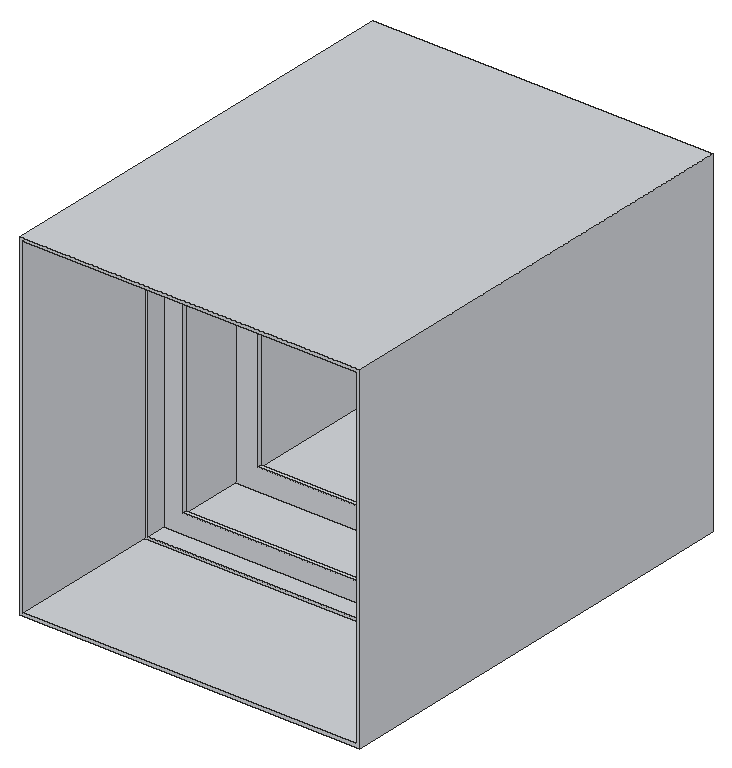
Revit family "IBDFS-AV_NATIVE REVIT_Revised", category Duct Accessories, Revit 2017
Family settings
  Round Connector Dimension = Use Diameter
  Part Type = Damper
  Work Plane-Based = No
  Always vertical = Yes
  Cut with Voids When Loaded = No
  Shared = No
Parameters (values of type "Default")
  Width(A) [instance] = if(A < 100.000 mm, 100.000 mm, if(A > 1200.000 mm, 1200.000 mm, A))  # 300.000 mm
  Min. C = "390"
  Min. B = "160mm"
  Min. A = "100mm"
  Max. C = "700"
  Max. B = "1200mm"
  Max. A = "1200mm"
  Height(B) [instance] = if(B < 160.000 mm, 160.000 mm, if(B > 1200.000 mm, 1200.000 mm, B))  # 300.000 mm
  Finish = none
  Depth(C) [instance] = if(C < 390.000 mm, 390.000 mm, if(C > 700.000 mm, 700.000 mm, C))  # 390.000 mm
  C [instance] = 390.000 mm
  B [instance] = 300.000 mm
  A [instance] = 300.000 mm
Reference planes
  plane 1 "Center (Front/Back)": y = 0
  plane 2: z = -150
  plane 3 "Center (Left/Right)": x = 0
  plane 4: x = -150
  plane 5: x = 150
  plane 6: z = 150
  plane 7: x = -147.5
  plane 8: x = 147.5
  plane 9: z = 147.5
  plane 10: z = 77.5
  plane 11: z = 147.5
  plane 12: z = 127.5
  plane 13: x = 10
  plane 14: x = -10
  plane 15: z = 147.5
  plane 16: z = 77.5
  plane 17: z = 77.5
  plane 18: z = 69.5
  plane 19: z = 147.5
  plane 20: z = -147.5
  plane 21: y = 35
  plane 22: y = -35
  plane 23: y = 40
  plane 24: y = -40
  plane 25: y = 60.75
  plane 26: y = -60.91
  plane 27: y = 74.136
  plane 28: y = -69.864
  plane 29: z = 0
  plane 30: z = -130
  plane 31: y = 195
  plane 32: y = -195
Forms (mm)
  Extrusion 1, solid, material <- "Finish"
    sketch origin (0, -152.136, 0) x (1, 0, 0) y (0, 0, 1)
      loop
        line (150, 150) -> (-150, 150) -> (-150, -150) -> (150, -150) -> (150, 150)
      loop
        line (-147.5, 147.5) -> (-147.5, -147.5) -> (147.5, -147.5) -> (147.5, 147.5) -> (-147.5, 147.5)
    from -347.136 to 42.864
  Extrusion 2, solid, material <- "Finish"
    sketch origin (147.5, -2.136, 112.5) x (0, 1, 0) y (0, 0, 1)
      loop
        line (37.136, 35) -> (-32.864, 35) -> (-32.864, 33.016)
        arc (-32.864, 33.016) -> (-38.984, 30.457) -> (-32.864, 27.899) r 3.595
        line (-32.864, 27.899) -> (-32.864, 18.016)
        arc (-32.864, 18.016) -> (-38.984, 15.457) -> (-32.864, 12.899) r 3.595
        line (-32.864, 12.899) -> (-32.864, 3.016)
        arc (-32.864, 3.016) -> (-38.984, 0.457) -> (-32.864, -2.101) r 3.595
        line (-32.864, -2.101) -> (-32.864, -11.984)
        arc (-32.864, -11.984) -> (-38.984, -14.543) -> (-32.864, -17.101) r 3.595
        line (-32.864, -17.101) -> (-32.864, -26.984)
        arc (-32.864, -26.984) -> (-38.984, -29.543) -> (-32.864, -32.101) r 3.595
        line (-32.864, -32.101) -> (-32.864, -35) -> (37.136, -35) -> (37.136, -30.551)
        arc (37.136, -30.551) -> (41.485, -29.699) -> (43.448, -25.727) r 5
        arc (43.448, -25.727) -> (41.485, -21.754) -> (37.136, -20.902) r 5
        line (37.136, -20.902) -> (37.136, -12.551)
        arc (37.136, -12.551) -> (41.485, -11.699) -> (43.448, -7.727) r 5
        arc (43.448, -7.727) -> (41.485, -3.754) -> (37.136, -2.902) r 5
        line (37.136, -2.902) -> (37.136, 5.449)
        arc (37.136, 5.449) -> (41.485, 6.301) -> (43.448, 10.273) r 5
        arc (43.448, 10.273) -> (41.485, 14.246) -> (37.136, 15.098) r 5
        line (37.136, 15.098) -> (37.136, 23.449)
        arc (37.136, 23.449) -> (41.485, 24.301) -> (43.448, 28.273) r 5
        arc (43.448, 28.273) -> (41.485, 32.246) -> (37.136, 33.098) r 5
        line (37.136, 33.098) -> (37.136, 35)
    from 0 to -295
  Extrusion 3, solid, material <- "Finish"
    sketch origin (147.5, -62.912, 147.5) x (0, 0, 1) y (0, -1, 0)
      loop
        line (-3, -19.912) -> (-20, -19.912) -> (-20, -22.912) -> (0, -22.912) -> (0, -2.912) -> (-3, -2.912) -> (-3, -19.912)
      loop
        line (0, -122.912) -> (0, -102.912) -> (-20, -102.912) -> (-20, -105.912) -> (-3, -105.912) -> (-3, -122.912) -> (0, -122.912)
    from -295 to 0
  Extrusion 4, solid, material <- "Finish"
    sketch origin (10, -63.046, 79) x (0, 0, 1) y (0, -1, 0)
      loop
        line (68.5, -2.136) -> (68.5, 12.864) -> (67, 12.864) -> (67, -0.636) -> (0, -0.636) -> (0, 12.864) -> (-1.5, 12.864) -> (-1.5, -2.136) -> (68.5, -2.136)
      loop
        line (68.5, -123.796) -> (-1.5, -123.796) -> (-1.5, -138.796) -> (0, -138.796) -> (0, -125.296) -> (67, -125.296) -> (67, -138.796) -> (68.5, -138.796) -> (68.5, -123.796)
    from 0 to -20
  Extrusion 5, solid, material <- "Finish"
    sketch origin (-2, -72, 77.5) x (1, 0, 0) y (0, 0, 1)
      loop
        line (4, 0) -> (0, 0) -> (0, -8) -> (4, -8) -> (4, 0)
    from -2.136 to -146.136
  Sweep 6, solid
    path in 3D
      loop
        line (147.5, 195, -147.5) -> (147.5, 195, 147.5) -> (-147.5, 195, 147.5) -> (-147.5, 195, -147.5) -> (147.5, 195, -147.5)
    profile origin (0, 195, -147.5) x (0, 1, 0) y (0, 0, 1)
      loop
        line (-155, 0) -> (-135, 0) -> (-135, 2.5) -> (-152, 2.5) -> (-152, 20) -> (-155, 20) -> (-155, 0)
      loop
        line (-238, 2.5) -> (-255, 2.5) -> (-255, 0) -> (-235, 0) -> (-235, 20) -> (-238, 20) -> (-238, 2.5)
Lines and regions (mm)
  sketch lines
    curve 1: line (-147.5, 195, -147.5) -> (147.5, 195, -147.5)
    curve 2: line (147.5, 195, -147.5) -> (147.5, 195, 147.5)
    curve 3: line (147.5, 195, 147.5) -> (-147.5, 195, 147.5)
    curve 4: line (-147.5, 195, 147.5) -> (-147.5, 195, -147.5)
Dimensions and locks
  "Width(A)": plane 4 to plane 5
  equal spacing: plane 4, plane 3 "Center (Left/Right)", plane 5
  "Height(B)": plane 6 to plane 2
  locked: plane 8 to plane 5 at 2.5
  locked: plane 4 to plane 7 at 2.5
  locked: plane 6 to plane 9 at 2.5
  locked: plane 10 to plane 9 at 70
  locked: plane 11 to plane 6 at 2.5
  locked: plane 12 to plane 11 at 20
  plane 14 to plane 3 "Center (Left/Right)" to plane 13 = 10.000 mm locked, 10.000 mm locked
  locked: plane 16 to plane 15 at 70
  locked: Extrusion 4 sketch curve to Extrusion 4 sketch curve at 67  (x2)
  locked: plane 6 to plane 15 at 2.5
  locked: plane 6 to plane 17 at 72.5
  locked: Extrusion 5 sketch curve to Extrusion 5 sketch curve at 4
  locked: Extrusion 5 sketch curve to plane 3 "Center (Left/Right)" at 2
  locked: plane 17 to plane 18 at 8
  locked: plane 6 to plane 19 at 2.5
  locked: plane 20 to plane 2 at 2.5
  plane 21 to plane 1 "Center (Front/Back)" to plane 22 = 35.000 mm locked, 35.000 mm locked
  plane 23 to plane 1 "Center (Front/Back)" to plane 24 = 40.000 mm locked, 40.000 mm locked
  locked: Extrusion 3 sketch curve to Extrusion 3 sketch curve at 17  (x2)
  locked: Extrusion 3 sketch curve to Extrusion 3 sketch curve at 3  (x2)
  plane 25 to plane 1 "Center (Front/Back)" to plane 26 = 60.750 mm locked, 60.910 mm locked
  locked: Extrusion 4 sketch curve to Extrusion 4 sketch curve at 13.5  (x4)
  locked: Extrusion 4 sketch curve to Extrusion 4 sketch curve at 1.5  (x2)
  plane 27 to plane 1 "Center (Front/Back)" to plane 28 = 74.136 mm locked, 69.864 mm locked
  equal spacing: plane 6, plane 29, plane 2
  locked: plane 30 to plane 2 at 20
  equal spacing: plane 32, plane 1 "Center (Front/Back)", plane 31
  "Depth(C)": plane 32 to plane 31
  equal spacing: Sweep 6, plane 1 "Center (Front/Back)", Sweep 6, locked at 40 each
  aligned and locked: plane 6 to Extrusion 1 sketch curve
  aligned and locked: Extrusion 1 sketch curve to plane 5
  aligned and locked: plane 4 to Extrusion 1 sketch curve
  aligned and locked: plane 7 to Extrusion 2
  aligned and locked: Extrusion 2 to plane 8
  aligned and locked: plane 9 to Extrusion 2 sketch curve
  aligned and locked: Extrusion 2 sketch curve to plane 10
  aligned and locked: Extrusion 3 sketch curve to plane 11  (x2)
  aligned and locked: Extrusion 3 sketch curve to plane 12  (x2)
  aligned and locked: plane 7 to Extrusion 3
  aligned and locked: Extrusion 3 to plane 8
  aligned and locked: Extrusion 4 to plane 13
  aligned and locked: plane 14 to Extrusion 4
  aligned and locked: Extrusion 4 sketch curve to plane 16  (x2)
  aligned and locked: Extrusion 4 sketch curve to plane 15  (x2)
  aligned and locked: plane 17 to Extrusion 5 sketch curve
  aligned and locked: Extrusion 5 sketch curve to plane 18
  aligned and locked: Extrusion 2 sketch curve to plane 21  (x5)
  aligned and locked: plane 22 to Extrusion 2 sketch curve  (x6)
  aligned and locked: plane 23 to Extrusion 3 sketch curve
  aligned and locked: Extrusion 3 sketch curve to plane 24
  aligned and locked: plane 25 to Extrusion 4 sketch curve
  aligned and locked: Extrusion 4 sketch curve to plane 26
  aligned and locked: plane 27 to Extrusion 5
  aligned and locked: Extrusion 5 to plane 28
  aligned and locked: level to plane 29
  aligned and locked: plane 8 to Extrusion 1
  aligned and locked: Extrusion 1 to plane 31
  aligned and locked: plane 32 to Extrusion 1
Automatic sketch dimensions
  Extrusion 2 sketch curve to Extrusion 2 sketch curve = 0.000 mm  (x8)
  Extrusion 2 sketch curve to plane 6 = 7.043 mm
  Extrusion 2 sketch curve to Extrusion 2 sketch curve = 2.525 mm
  Extrusion 2 sketch curve to Extrusion 2 sketch curve = 1.312 mm  (x4)
  Extrusion 2 sketch curve to Extrusion 2 sketch curve = 6.727 mm
  Extrusion 2 sketch curve to Extrusion 2 sketch curve = 2.559 mm  (x5)
  Extrusion 2 sketch curve to Extrusion 2 sketch curve = 4.825 mm  (x4)
  Extrusion 2 sketch curve to Extrusion 2 sketch curve = 9.883 mm  (x4)
  Extrusion 2 sketch curve to Extrusion 2 sketch curve = 8.351 mm  (x2)
  Extrusion 2 sketch curve to Extrusion 2 sketch curve = 4.449 mm
  plane 11 to Extrusion 3 sketch curve = 3.000 mm
  Extrusion 3 sketch curve to Extrusion 3 sketch curve = 3.000 mm
  Extrusion 4 sketch curve to Extrusion 4 sketch curve = 1.500 mm  (x2)
  plane 7 to Extrusion 1 sketch curve = 0.000 mm
  plane 8 to Extrusion 1 sketch curve = 0.000 mm
  Extrusion 1 sketch curve to plane 2 = 0.000 mm
  Extrusion 1 sketch curve to plane 20 = 0.000 mm
  Extrusion 1 sketch curve to plane 19 = 0.000 mm
  Sweep 6 sketch curve to profile plane = 0.000 mm  (x2)
  profile plane to Sweep 6 sketch curve = 155.000 mm
  Sweep 6 sketch curve to Sweep 6 sketch curve = 3.000 mm  (x2)
  Sweep 6 sketch curve to Sweep 6 sketch curve = 17.000 mm  (x2)
  profile plane to Sweep 6 sketch curve = 2.500 mm
  Sweep 6 sketch curve to Sweep 6 sketch curve = 17.500 mm
  profile plane to Sweep 6 sketch curve = 20.000 mm
  Sweep 6 sketch curve to Sweep 6 sketch curve = 80.000 mm
  Sweep 6 sketch curve to Sweep 6 sketch curve = 2.500 mm
Connectors
  hvac at (0, -195, 0), driven by "Height(B)", driven by "Width(A)"
    settings: on Extrusion 1, index 1, duct flow 0 L/s, flow factor 0, pres drop 0.00 in-wg, loss coef 0, conn angle 0.00°, conn width 11.81102", conn height 11.81102", conn diameter 24", duct sys type 29, conn prof type 1, flow config 0, flow direction 0, loss method 0, conn ref index -1, conn util no, is conn primary yes, conn desc ""
  hvac at (0, 195, 0), driven by "Height(B)", driven by "Width(A)"
    settings: on Extrusion 1, index 2, duct flow 0 L/s, flow factor 0, pres drop 0.00 in-wg, loss coef 0, conn angle 0.00°, conn width 11.81102", conn height 11.81102", conn diameter 24", duct sys type 29, conn prof type 1, flow config 0, flow direction 0, loss method 0, conn ref index -1, conn util no, is conn primary no, conn desc ""
